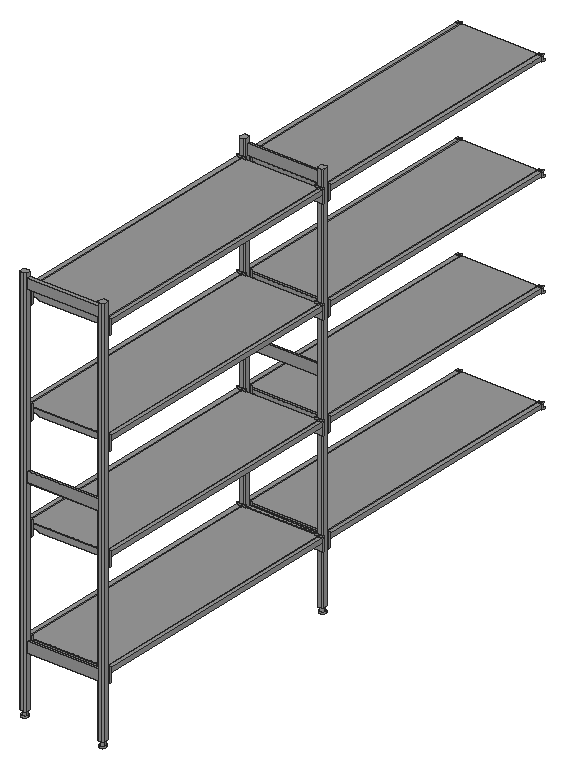
Revit family "QF_ELECTROLUXPROFESSIONAL_137066_ACS2372", category Attrezzature speciali, Revit 2020
Family settings
  Quota connettore circolare = Usa diametro
  Tipo di parte = Normale
  Basato su piano di lavoro = No
  Sempre verticale = Sì
  Taglio con vuoti quando caricato = No
  Condiviso = No
  Punto di calcolo locali = No
Parameters (values of type "Standard")
  Weight = 36.00 kg
  Watts = 0 W
  Volts = 0 V
  URL Manufacturer = "https://www.electroluxprofessional.com/"
  URL = "https://www.electroluxprofessional.com/"
  Steam Supply Size = 0 mm
  Steam Supply Minimum Pressure = 0.0 Pa
  Steam Supply Maximum Pressure = 0.0 Pa
  Steam Consumption per Hour = 0
  Refrigeration Suction Line Size = 0.0 mm
  Refrigeration Liquid Line Size = 0.0 mm
  Refrigerant Compressor Remote = yes
  Prospetto di default = 0.0 mm
  Phase = 0
  Modello = "ACS2372"
  Produttore = "Electrolux Professional"
  Length Actual = 2376.0 mm  # constant formula
  Item Number = "137066"
  Hot Water Size = 0 mm
  Height Actual = 1700.0 mm  # constant formula
  HP = "0 HP"
  Gas Size = 0 mm
  Gas KW = 0
  Gas Input Pressure = 0 W
  Direct Waste Size = 0 mm
  Descrizione = "ALUM.CORNER SHELV.-POLY.TIERS-373X2376MM"
  Depth Actual = 373.0 mm  # constant formula
  Cycle = 0 Hz
  Condensate Return Size = 0 mm
  Compressed Air Volume = 0.0 L/s
  Compressed Air Size = 0 mm
  Compressed Air Pressure = 0.0 Pa
  Cold Water Size = 0 mm
  Accessory = yes
Reference planes
  plane 1: z = 0
  plane 2 "CenterLeft": y = -535.5
  plane 3 "FRONT": y = -921.5
  plane 4 "LEFT": x = 192.5
  plane 5 "RIGHT": x = 565.5
  plane 6 "TOP": z = 1700
  plane 7: y = -889.5
  plane 8: y = 262.5
  plane 9 "Center (Left/Back)": x = 379
  plane 10: x = 205
  plane 11: x = 515
  plane 12 "FEET": z = 25
  plane 13: z = 275
  plane 14: z = 725
  plane 15: z = 1175
  plane 16: z = 1625
  plane 17 "CXLeft": y = -907.5
  plane 18 "Center (Front/Back)": y = 280.5
  plane 19 "CYFront": x = 510
  plane 20: y = 1450.5
  plane 21: y = 298.5
  plane 22 "BACK": y = 1454.5
  plane 23 "LEFT_ORIGIN": x = 158.5
  plane 24 "BACK_ORIGIN": y = 1827.5
Forms (mm)
  Extrusion 1, solid, material "QF_Aluminum"
    sketch origin (38.022, -921.5, -4.006) x (-1, 0, 0) y (0, 0, 1)
      loop
        line (-189.5, 1637.003) -> (-173.5, 1637.003) -> (-173.5, 1655) -> (-175.493, 1655) -> (-175.493, 1648.501) -> (-506.5, 1648.501) -> (-506.5, 1655) -> (-508.5, 1655) -> (-508.5, 1637.003) -> (-492.5, 1637.003) -> (-458.5, 1625) -> (-223.5, 1625) -> (-189.5, 1637.003)
      loop
        line (-189.5, 1187.003) -> (-173.5, 1187.003) -> (-173.5, 1205) -> (-175.493, 1205) -> (-175.493, 1198.501) -> (-506.5, 1198.501) -> (-506.5, 1205) -> (-508.5, 1205) -> (-508.5, 1187.003) -> (-492.5, 1187.003) -> (-458.5, 1175) -> (-223.5, 1175) -> (-189.5, 1187.003)
      loop
        line (-189.5, 737.003) -> (-173.5, 737.003) -> (-173.5, 755) -> (-175.493, 755) -> (-175.493, 748.501) -> (-506.5, 748.501) -> (-506.5, 755) -> (-508.5, 755) -> (-508.5, 737.003) -> (-492.5, 737.003) -> (-458.5, 725) -> (-223.5, 725) -> (-189.5, 737.003)
      loop
        line (-189.5, 287.003) -> (-173.5, 287.003) -> (-173.5, 305) -> (-175.493, 305) -> (-175.493, 298.501) -> (-506.5, 298.501) -> (-506.5, 305) -> (-508.5, 305) -> (-508.5, 287.003) -> (-492.5, 287.003) -> (-458.5, 275) -> (-223.5, 275) -> (-189.5, 287.003)
    from 37 to 32
  Extrusion 2, solid, material "QF_Aluminum"
    sketch origin (38.022, -921.5, 0) x (-1, 0, 0) y (0, 0, 1)
      loop
        line (-154.478, 246.005) -> (-154.478, 307.993) -> (-190.471, 307.993) -> (-190.471, 246.005) -> (-154.478, 246.005)
      loop
        line (-527.478, 246.005) -> (-491.484, 246.005) -> (-491.484, 307.993) -> (-527.478, 307.993) -> (-527.478, 246.005)
      loop
        line (-154.478, 696.005) -> (-154.478, 757.993) -> (-190.471, 757.993) -> (-190.471, 696.005) -> (-154.478, 696.005)
      loop
        line (-527.478, 696.005) -> (-491.484, 696.005) -> (-491.484, 757.993) -> (-527.478, 757.993) -> (-527.478, 696.005)
      loop
        line (-154.478, 1146.005) -> (-154.478, 1207.993) -> (-190.471, 1207.993) -> (-190.471, 1146.005) -> (-154.478, 1146.005)
      loop
        line (-527.478, 1146.005) -> (-491.484, 1146.005) -> (-491.484, 1207.993) -> (-527.478, 1207.993) -> (-527.478, 1146.005)
      loop
        line (-154.478, 1596.005) -> (-154.478, 1657.993) -> (-190.471, 1657.993) -> (-190.471, 1596.005) -> (-154.478, 1596.005)
      loop
        line (-527.478, 1596.005) -> (-491.484, 1596.005) -> (-491.484, 1657.993) -> (-527.478, 1657.993) -> (-527.478, 1596.005)
    from 28 to 32
  Extrusion 3, solid, material "QF_Aluminum"
    sketch origin (38.022, -921.5, 0) x (-1, 0, 0) y (0, 0, 1)
      loop
        line (-154.5, 1650.994) -> (-173.5, 1650.994) -> (-173.5, 1632.998) -> (-154.5, 1632.998) -> (-154.5, 1650.994)
      loop
        line (-154.5, 1200.994) -> (-173.5, 1200.994) -> (-173.5, 1182.998) -> (-154.5, 1182.998) -> (-154.5, 1200.994)
      loop
        line (-154.5, 750.994) -> (-173.5, 750.994) -> (-173.5, 732.998) -> (-154.5, 732.998) -> (-154.5, 750.994)
      loop
        line (-154.5, 300.994) -> (-173.5, 300.994) -> (-173.5, 282.998) -> (-154.5, 282.998) -> (-154.5, 300.994)
      loop
        line (-527.455, 1650.994) -> (-527.455, 1632.998) -> (-508.455, 1632.998) -> (-508.455, 1650.994) -> (-527.455, 1650.994)
      loop
        line (-527.455, 1200.994) -> (-527.455, 1182.998) -> (-508.455, 1182.998) -> (-508.455, 1200.994) -> (-527.455, 1200.994)
      loop
        line (-527.455, 750.994) -> (-527.455, 732.998) -> (-508.455, 732.998) -> (-508.455, 750.994) -> (-527.455, 750.994)
      loop
        line (-527.455, 300.994) -> (-527.455, 282.998) -> (-508.455, 282.998) -> (-508.455, 300.994) -> (-527.455, 300.994)
    from 32 to 1184
  Extrusion 4, solid, material "QF_Polyethylene"
    sketch origin (38.022, -921.5, 0) x (-1, 0, 0) y (0, 0, 1)
      loop
        line (-175.493, 1650.994) -> (-506.5, 1650.994) -> (-506.5, 1644.496) -> (-175.493, 1644.496) -> (-175.493, 1650.994)
      loop
        line (-175.493, 1200.994) -> (-506.5, 1200.994) -> (-506.5, 1194.496) -> (-175.493, 1194.496) -> (-175.493, 1200.994)
      loop
        line (-175.493, 750.994) -> (-506.5, 750.994) -> (-506.5, 744.496) -> (-175.493, 744.496) -> (-175.493, 750.994)
      loop
        line (-175.493, 300.994) -> (-506.5, 300.994) -> (-506.5, 294.496) -> (-175.493, 294.496) -> (-175.493, 300.994)
    from 32 to 1184
  Extrusion 5, solid, material "QF_Aluminum"
    sketch origin (38.022, 684.5, 0) x (-1, 0, 0) y (0, 0, 1)
      loop
        line (-154.5, 1650.994) -> (-173.5, 1650.994) -> (-173.5, 1632.998) -> (-154.5, 1632.998) -> (-154.5, 1650.994)
      loop
        line (-508.5, 1650.994) -> (-527.455, 1650.994) -> (-527.455, 1632.998) -> (-508.5, 1632.998) -> (-508.5, 1650.994)
      loop
        line (-154.5, 1200.994) -> (-173.5, 1200.994) -> (-173.5, 1182.998) -> (-154.5, 1182.998) -> (-154.5, 1200.994)
      loop
        line (-508.5, 1200.994) -> (-527.455, 1200.994) -> (-527.455, 1182.998) -> (-508.5, 1182.998) -> (-508.5, 1200.994)
      loop
        line (-154.5, 750.994) -> (-173.5, 750.994) -> (-173.5, 732.998) -> (-154.5, 732.998) -> (-154.5, 750.994)
      loop
        line (-508.5, 750.994) -> (-527.455, 750.994) -> (-527.455, 732.998) -> (-508.5, 732.998) -> (-508.5, 750.994)
      loop
        line (-154.5, 300.994) -> (-173.5, 300.994) -> (-173.5, 282.998) -> (-154.5, 282.998) -> (-154.5, 300.994)
      loop
        line (-508.5, 300.994) -> (-527.455, 300.994) -> (-527.455, 282.998) -> (-508.5, 282.998) -> (-508.5, 300.994)
    from 766 to -386
  Extrusion 6, solid, material "QF_Polyethylene"
    sketch origin (38.022, 684.5, 0) x (-1, 0, 0) y (0, 0, 1)
      loop
        line (-175.493, 1650.994) -> (-506.5, 1650.994) -> (-506.5, 1644.496) -> (-175.493, 1644.496) -> (-175.493, 1650.994)
      loop
        line (-175.493, 1200.994) -> (-506.5, 1200.994) -> (-506.5, 1194.496) -> (-175.493, 1194.496) -> (-175.493, 1200.994)
      loop
        line (-175.493, 750.994) -> (-506.5, 750.994) -> (-506.5, 744.496) -> (-175.493, 744.496) -> (-175.493, 750.994)
      loop
        line (-175.493, 300.994) -> (-506.5, 300.994) -> (-506.5, 294.496) -> (-175.493, 294.496) -> (-175.493, 300.994)
    from 766 to -386
Lines and regions (mm)
  symbolic lines
    curve 1: line (205, -912.5, 1700) -> (515, -912.5, 1700)
    curve 2: line (515, -902.5, 1700) -> (205, -902.5, 1700)
    curve 3: line (192.5, -893.5, 1700) -> (192.5, 266.5, 1700)
    curve 4: line (565.5, -889.5, 1700) -> (565.5, 262.5, 1700)
    curve 5: line (192.5, 294.5, 1700) -> (192.5, 1454.5, 1700)
    curve 6: line (565.5, 294.5, 1700) -> (565.5, 1454.5, 1700)
    curve 7: line (211.522, 1450.5, 1700) -> (510.507, 1450.5, 1700)
    curve 8: line (211.522, 262.5, 1700) -> (510.507, 262.5, 1700)
    curve 9: line (510.507, 298.5, 1700) -> (211.522, 298.5, 1700)
    curve 10: line (211.522, -889.5, 1700) -> (510.507, -889.5, 1700)
    curve 11: line (211.522, -889.5, 1700) -> (211.522, 262.5, 1700)
    curve 12: line (546.478, 262.5, 1700) -> (546.478, -889.5, 1700)
    curve 13: line (211.522, 298.5, 1700) -> (211.522, 1450.5, 1700)
    curve 14: line (546.522, 652.5, 1700) -> (546.522, -145.5, 1700)
Dimensions and locks
  plane 3 "FRONT" to plane 2 "CenterLeft" = 386.0 mm
  locked: plane 6 "TOP" to level at 1700
  locked: plane 7 to plane 8 at 1152
  locked: plane 10 to plane 11 at 310
  plane 10 to plane 9 "Center (Left/Back)" to plane 11 = 174.0 mm, 136.0 mm
  equal spacing: plane 4 "LEFT", plane 9 "Center (Left/Back)", plane 5 "RIGHT"
  plane 12 "FEET" to level = 25.0 mm
  plane 6 "TOP" to plane 12 "FEET" = 1675.0 mm
  plane 13 to plane 12 "FEET" = 250.0 mm
  plane 14 to plane 13 = 450.0 mm
  plane 15 to plane 14 = 450.0 mm
  plane 16 to plane 15 = 450.0 mm
  plane 19 "CYFront" to Extrusion 1 sketch curve = 34.522 mm
  locked: plane 21 to plane 20 at 1152
  locked: plane 8 to plane 18 "Center (Front/Back)" at 18
  locked: plane 18 "Center (Front/Back)" to plane 21 at 18
  locked: plane 3 "FRONT" to plane 7 at 32
  locked: plane 4 "LEFT" to plane 5 "RIGHT" at 373
  locked: plane 23 "LEFT_ORIGIN" to plane 5 "RIGHT" at 407
  locked: plane 22 "BACK" to plane 24 "BACK_ORIGIN" at 373
  locked: plane 22 "BACK" to plane 3 "FRONT" at 2376
  aligned and locked: level to plane 1
  aligned and locked: Extrusion 1 to plane 7
  aligned and locked: plane 7 to Extrusion 2
  aligned and locked: Extrusion 4 to plane 7
  aligned and locked: plane 8 to Extrusion 4
  aligned and locked: Extrusion 3 to plane 7
  aligned and locked: plane 8 to Extrusion 3
  aligned and locked: Extrusion 1 sketch curve to Extrusion 1 sketch curve  (x3)
  aligned and locked: Extrusion 4 sketch curve to Extrusion 1  (x4)
  aligned and locked: Extrusion 5 sketch curve to Extrusion 5 sketch curve  (x2)
  aligned and locked: Extrusion 5 to plane 21  (x5)
  aligned and locked: Extrusion 6 to plane 21  (x5)
  aligned and locked: nested 2 to plane 18 "Center (Front/Back)"
  aligned and locked: nested 1 to plane 17 "CXLeft"
  aligned and locked: plane 7 to Extrusion 3  (x3)
  aligned and locked: Extrusion 3 to plane 8  (x4)
  aligned and locked: Extrusion 4 to plane 8  (x4)
  aligned and locked: plane 20 to Extrusion 5
  aligned and locked: plane 20 to Extrusion 6
  aligned and locked: Extrusion 5 to plane 20  (x3)
  aligned and locked: Extrusion 6 to plane 20  (x3)
  aligned and locked: plane 9 "Center (Left/Back)" to nested 2
  aligned and locked: nested 3 to plane 22 "BACK"
Automatic sketch dimensions
  curve 1 to plane 10 = 0.0 mm
  curve 1 to plane 11 = 0.0 mm
  curve 2 to plane 10 = 0.0 mm
  curve 2 to plane 11 = 0.0 mm
  curve 3 to plane 4 "LEFT" = 0.0 mm
  plane 7 to curve 10 = 0.0 mm
  curve 4 to plane 5 "RIGHT" = 0.0 mm
  plane 7 to curve 4 = 0.0 mm
  plane 8 to curve 8 = 0.0 mm
  plane 8 to curve 4 = 0.0 mm
  curve 6 to plane 5 "RIGHT" = 0.0 mm
  curve 5 to plane 4 "LEFT" = 0.0 mm
  curve 9 to plane 21 = 0.0 mm
  plane 20 to curve 7 = 0.0 mm
  plane 7 to curve 3 = 4.0 mm
  plane 17 "CXLeft" to curve 2 = 5.0 mm
  curve 1 to plane 17 "CXLeft" = 5.0 mm
  curve 3 to plane 8 = 4.0 mm
  curve 6 to plane 21 = 4.0 mm
  curve 5 to plane 21 = 4.0 mm
  curve 6 to plane 20 = 4.0 mm
  curve 5 to plane 20 = 4.0 mm
  plane 11 to curve 10 = 4.493 mm
  plane 11 to curve 9 = 4.493 mm
  plane 11 to curve 8 = 4.493 mm
  plane 11 to curve 7 = 4.493 mm
  curve 8 to plane 10 = 6.522 mm
  curve 7 to plane 10 = 6.522 mm
  Extrusion 1 sketch curve to plane 19 "CYFront" = 36.522 mm  (x4)
  Extrusion 1 sketch curve to plane 11 = 15.522 mm  (x4)
  Extrusion 1 sketch curve to plane 13 = 4.006 mm
  Extrusion 1 sketch curve to Extrusion 1 sketch curve = 34.0 mm  (x4)
  Extrusion 1 sketch curve to plane 14 = 4.006 mm
  Extrusion 1 sketch curve to plane 15 = 4.006 mm
  Extrusion 1 sketch curve to plane 16 = 4.006 mm
  Extrusion 1 sketch curve to plane 10 = 56.522 mm  (x4)
  Extrusion 1 sketch curve to plane 10 = 22.522 mm  (x4)
  plane 13 to Extrusion 1 sketch curve = 7.998 mm  (x2)
  Extrusion 1 sketch curve to Extrusion 1 sketch curve = 11.498 mm  (x4)
  Extrusion 1 sketch curve to Extrusion 1 sketch curve = 6.499 mm  (x8)
  plane 14 to Extrusion 1 sketch curve = 7.998 mm  (x2)
  plane 15 to Extrusion 1 sketch curve = 7.998 mm  (x2)
  plane 16 to Extrusion 1 sketch curve = 7.998 mm  (x2)
  Extrusion 2 sketch curve to plane 5 "RIGHT" = 0.0 mm  (x4)
  Extrusion 2 sketch curve to plane 4 "LEFT" = 0.0 mm  (x4)
  Extrusion 2 sketch curve to plane 11 = 14.507 mm  (x4)
  Extrusion 2 sketch curve to plane 10 = 23.493 mm  (x4)
  Extrusion 2 sketch curve to plane 13 = 28.995 mm  (x2)
  plane 13 to Extrusion 2 sketch curve = 32.993 mm  (x2)
  Extrusion 2 sketch curve to plane 14 = 28.995 mm  (x2)
  plane 14 to Extrusion 2 sketch curve = 32.993 mm  (x2)
  Extrusion 2 sketch curve to plane 15 = 28.995 mm  (x2)
  plane 15 to Extrusion 2 sketch curve = 32.993 mm  (x2)
  Extrusion 2 sketch curve to plane 16 = 28.995 mm  (x2)
  plane 16 to Extrusion 2 sketch curve = 32.993 mm  (x2)
  plane 13 to Extrusion 4 sketch curve = 19.496 mm
  Extrusion 4 sketch curve to Extrusion 4 sketch curve = 6.499 mm  (x4)
  plane 14 to Extrusion 4 sketch curve = 19.496 mm
  plane 15 to Extrusion 4 sketch curve = 19.496 mm
  plane 16 to Extrusion 4 sketch curve = 19.496 mm
  plane 5 "RIGHT" to Extrusion 5 sketch curve = 0.022 mm  (x4)
  Extrusion 5 sketch curve to plane 4 "LEFT" = 19.022 mm  (x4)
  Extrusion 5 sketch curve to plane 19 "CYFront" = 36.522 mm  (x2)
  plane 13 to Extrusion 5 sketch curve = 7.998 mm  (x2)
  Extrusion 5 sketch curve to Extrusion 5 sketch curve = 17.997 mm  (x8)
  plane 14 to Extrusion 5 sketch curve = 7.998 mm  (x2)
  plane 15 to Extrusion 5 sketch curve = 7.998 mm  (x2)
  plane 16 to Extrusion 5 sketch curve = 7.998 mm  (x2)
  Extrusion 6 sketch curve to plane 19 "CYFront" = 34.522 mm  (x4)
  plane 13 to Extrusion 6 sketch curve = 19.496 mm
  Extrusion 6 sketch curve to Extrusion 6 sketch curve = 6.499 mm  (x4)
  plane 14 to Extrusion 6 sketch curve = 19.496 mm
  plane 15 to Extrusion 6 sketch curve = 19.496 mm
  plane 16 to Extrusion 6 sketch curve = 19.496 mm
  plane 5 "RIGHT" to Extrusion 3 sketch curve = 0.022 mm  (x4)
  Extrusion 3 sketch curve to Extrusion 3 sketch curve = 19.0 mm  (x4)
  plane 14 to Extrusion 3 sketch curve = 7.998 mm  (x2)
  Extrusion 3 sketch curve to plane 10 = 6.522 mm  (x4)
  Extrusion 3 sketch curve to plane 4 "LEFT" = 0.022 mm  (x4)
  plane 13 to Extrusion 3 sketch curve = 25.994 mm  (x2)
  plane 13 to Extrusion 3 sketch curve = 7.998 mm  (x2)
  Extrusion 3 sketch curve to Extrusion 3 sketch curve = 17.997 mm  (x6)
  plane 15 to Extrusion 3 sketch curve = 7.998 mm  (x2)
  plane 16 to Extrusion 3 sketch curve = 7.998 mm  (x2)
  plane 7 to curve 12 = 0.0 mm
  plane 8 to curve 12 = 0.0 mm
  curve 4 to curve 12 = 19.022 mm
  Extrusion 1 sketch curve to plane 10 = 8.516 mm  (x4)
  Extrusion 1 sketch curve to plane 10 = 6.522 mm  (x2)
  Extrusion 1 sketch curve to Extrusion 1 sketch curve = 1.993 mm  (x2)
  Extrusion 4 sketch curve to plane 10 = 8.516 mm  (x4)
  Extrusion 5 sketch curve to plane 4 "LEFT" = 0.022 mm  (x4)
  Extrusion 6 sketch curve to plane 10 = 8.516 mm  (x4)
Nested families
  nested 1: "WT_Anta373" at (215.5, -504.5, 0) x (0, 1, 0) z (0, 0, 1), type "WT_Anta373"
  nested 2: "WT_Anta373Center" at (215.5, 683.5, 0) x (0, 1, 0) z (0, 0, 1), type "WT_Anta373Center"
  nested 3: "WT_Aggancio373" at (215.5, 1862.5, 0) x (0, 1, 0) z (0, 0, 1), type "WT_Aggancio373"
Definition of nested family "WT_Anta373"
  Parameters
    WidthLeft = A + 64.0 mm  # 772.0 mm
    Width = 1606.0 mm
    Right = WidthLeft / 2  # 386.0 mm
    Default Elevation = 0.0 mm
    Left = -WidthLeft / 2  # -386.0 mm
    Height = 1725.0 mm
    FEET = 25.0 mm
    E = 0.0 mm
    Dint = Depth - 63.0 mm  # 310.0 mm
    Dext = Depth - 8.0 mm  # 365.0 mm
    Depth = 373.0 mm
    DX = (WidthLeft - A) / 2  # 32.0 mm
    B = 798.0 mm
    A = 708.0 mm
  Reference planes
    plane 1: z = 0
    plane 2 "LEFT": x = -417
    plane 3 "BACK": y = 23
    plane 4 "FRONT": y = -350
    plane 5 "TOP": z = 1725
    plane 6 "Center (Front/Back)": y = -163.5
    plane 7: y = -8.5
    plane 8: y = -318.5
    plane 9 "FEET": z = 25
    plane 10: z = 275
    plane 11: z = 725
    plane 12: z = 1175
    plane 13: z = 1625
    plane 14 "CXLeft": x = -403
    plane 15: y = 5.5
    plane 16 "CYBack": y = 5.5
    plane 17 "CYFront": y = -332.5
    plane 18: x = -385.031
    plane 19: x = -380.031
  Forms (mm)
    Extrusion 1, solid
      sketch origin (0, 0, 0) x (1, 0, 0) y (0, 1, 0)
        loop
          line (-417, 13.246) -> (-417, -2.246) -> (-410.746, -8.5) -> (-395.254, -8.5) -> (-389, -2.246) -> (-389, 13.246) -> (-395.254, 19.5) -> (-410.746, 19.5) -> (-417, 13.246)
      from 1725 to 25
    Extrusion 2, solid
      sketch origin (-417, 0, 0) x (0, 1, 0) y (0, 0, 1)
        loop
          line (23, 246.005) -> (23, 307.993) -> (-12.993, 307.993) -> (-12.993, 246.005) -> (23, 246.005)
        loop
          line (-350, 246.005) -> (-314.007, 246.005) -> (-314.007, 307.993) -> (-350, 307.993) -> (-350, 246.005)
        loop
          line (23, 696.005) -> (23, 757.993) -> (-12.993, 757.993) -> (-12.993, 696.005) -> (23, 696.005)
        loop
          line (-350, 696.005) -> (-314.007, 696.005) -> (-314.007, 757.993) -> (-350, 757.993) -> (-350, 696.005)
        loop
          line (23, 1146.005) -> (23, 1207.993) -> (-12.993, 1207.993) -> (-12.993, 1146.005) -> (23, 1146.005)
        loop
          line (-350, 1146.005) -> (-314.007, 1146.005) -> (-314.007, 1207.993) -> (-350, 1207.993) -> (-350, 1146.005)
        loop
          line (23, 1596.005) -> (23, 1657.993) -> (-12.993, 1657.993) -> (-12.993, 1596.005) -> (23, 1596.005)
        loop
          line (-350, 1596.005) -> (-314.007, 1596.005) -> (-314.007, 1657.993) -> (-350, 1657.993) -> (-350, 1596.005)
      from 28 to 32
    Revolve 3, solid
      sketch origin (-403, 0, 0) x (0, 1, 0) y (0, 0, 1)
        loop
          line (5.5, 25) -> (5.5, 0) -> (19, 0) -> (19, 5) -> (14, 5) -> (14, 25) -> (5.5, 25)
        axis (5.5, 25) -> (5.5, 0)
      angle from 0 to 360
    Extrusion 4, solid
      sketch origin (-403, 0, 0) x (0, 1, 0) y (0, 0, 1)
        loop
          line (-8.5, 912.382) -> (-8.5, 957.374) -> (-318.5, 957.374) -> (-318.5, 912.382) -> (-8.5, 912.382)
        loop
          line (-8.5, 1662.244) -> (-8.5, 1707.236) -> (-318.5, 1707.236) -> (-318.5, 1662.244) -> (-8.5, 1662.244)
      from -5 to 5
    Revolve 5, solid
      sketch origin (-403, -627, 0) x (0, -1, 0) y (0, 0, 1)
        loop
          line (-294.5, 25) -> (-294.5, 0) -> (-281, 0) -> (-281, 5) -> (-286, 5) -> (-286, 25) -> (-294.5, 25)
        axis (-294.5, 25) -> (-294.5, 0)
      angle from 0 to 360
    Extrusion 6, solid
      sketch origin (0, -627, 0) x (1, 0, 0) y (0, 1, 0)
        loop
          line (-417, 286.754) -> (-410.746, 280.5) -> (-395.254, 280.5) -> (-389, 286.754) -> (-389, 302.246) -> (-395.254, 308.5) -> (-410.746, 308.5) -> (-417, 302.246) -> (-417, 286.754)
      from 1725 to 25
    Extrusion 7, solid
      sketch origin (-417.031, -0.022, 0) x (0, 1, 0) y (0, 0, -1)
        loop
          line (-12, -1632.998) -> (-46, -1620.994) -> (-281, -1620.994) -> (-315, -1632.998) -> (-331, -1632.998) -> (-331, -1650.994) -> (-329, -1650.994) -> (-329, -1644.496) -> (2.007, -1644.496) -> (2.007, -1650.994) -> (4, -1650.994) -> (4, -1632.998) -> (-12, -1632.998)
        loop
          line (-12, -1182.998) -> (-46, -1170.994) -> (-281, -1170.994) -> (-315, -1182.998) -> (-331, -1182.998) -> (-331, -1200.994) -> (-329, -1200.994) -> (-329, -1194.496) -> (2.007, -1194.496) -> (2.007, -1200.994) -> (4, -1200.994) -> (4, -1182.998) -> (-12, -1182.998)
        loop
          line (-12, -732.998) -> (-46, -720.994) -> (-281, -720.994) -> (-315, -732.998) -> (-331, -732.998) -> (-331, -750.994) -> (-329, -750.994) -> (-329, -744.496) -> (2.007, -744.496) -> (2.007, -750.994) -> (4, -750.994) -> (4, -732.998) -> (-12, -732.998)
        loop
          line (-12, -282.998) -> (-46, -270.994) -> (-281, -270.994) -> (-315, -282.998) -> (-331, -282.998) -> (-331, -300.994) -> (-329, -300.994) -> (-329, -294.496) -> (2.007, -294.496) -> (2.007, -300.994) -> (4, -300.994) -> (4, -282.998) -> (-12, -282.998)
      from -32 to -37
    Extrusion 8, solid
      sketch origin (-403, 0, -659.878) x (0, 1, 0) y (0, 0, 1)
        loop
          line (-8.5, 912.382) -> (-8.5, 957.374) -> (-318.5, 957.374) -> (-318.5, 912.382) -> (-8.5, 912.382)
        loop
          line (-8.5, 1572.382) -> (-8.5, 1617.374) -> (-318.5, 1617.374) -> (-318.5, 1572.382) -> (-8.5, 1572.382)
        loop
          line (-8.5, 2322.382) -> (-8.5, 2367.374) -> (-318.5, 2367.374) -> (-318.5, 2322.382) -> (-8.5, 2322.382)
      from -5 to 5
  Lines and regions (mm)
    symbolic lines
      curve 1: line (-408, -8.5, 1725) -> (-408, -318.5, 1725)
      curve 2: line (-398, -318.5, 1725) -> (-398, -8.5, 1725)
      curve 3: line (-395.254, -8.5, 1725) -> (-410.746, -8.5, 1725)
      curve 4: line (-417, -2.246, 1725) -> (-410.746, -8.5, 1725)
      curve 5: line (-417, 13.246, 1725) -> (-417, -2.246, 1725)
      curve 6: line (-410.746, 19.5, 1725) -> (-417, 13.246, 1725)
      curve 7: line (-395.254, 19.5, 1725) -> (-410.746, 19.5, 1725)
      curve 8: line (-389, 13.246, 1725) -> (-395.254, 19.5, 1725)
      curve 9: line (-395.254, -8.5, 1725) -> (-389, -2.246, 1725)
      curve 10: line (-395.254, -318.5, 1725) -> (-410.746, -318.5, 1725)
      curve 11: line (-417, -324.754, 1725) -> (-410.746, -318.5, 1725)
      curve 12: line (-410.746, -346.5, 1725) -> (-417, -340.246, 1725)
      curve 13: line (-395.254, -346.5, 1725) -> (-410.746, -346.5, 1725)
      curve 14: line (-389, -340.246, 1725) -> (-395.254, -346.5, 1725)
      curve 15: line (-395.254, -318.5, 1725) -> (-389, -324.754, 1725)
      curve 16: line (-389, -350, 1725) -> (-389, -314.007, 1725)
      curve 17: line (-389, -314.007, 1725) -> (-385, -314.007, 1725)
      curve 18: line (-389, 23, 1725) -> (-389, -12.993, 1725)
      curve 19: line (-389, -12.993, 1725) -> (-385, -12.993, 1725)
      curve 20: line (-417, -324.754, 1725) -> (-417, -340.246, 1725)
      curve 21: line (-385, -350, 1725) -> (-385, -314.007, 1725)
      curve 22: line (-385, -350, 1725) -> (-389, -350, 1725)
      curve 23: line (-385, 23, 1725) -> (-389, 23, 1725)
      curve 24: line (-385, -12.993, 1725) -> (-385, 23, 1725)
      curve 25: line (-385.031, -13.016, 1725) -> (-385.031, -314.029, 1725)
  Dimensions and locks
    "Height": plane 5 "TOP" to level
    "Depth": plane 3 "BACK" to plane 4 "FRONT"
    "Dint": plane 7 to plane 8
    equal spacing: plane 7, plane 6 "Center (Front/Back)", plane 8
    equal spacing: plane 3 "BACK", plane 6 "Center (Front/Back)", plane 4 "FRONT"
    plane 9 "FEET" to level = 25.0 mm
    plane 5 "TOP" to plane 9 "FEET" = 1700.0 mm
    plane 10 to plane 9 "FEET" = 250.0 mm
    plane 11 to plane 10 = 450.0 mm
    plane 12 to plane 11 = 450.0 mm
    plane 13 to plane 12 = 450.0 mm
    locked: plane 2 "LEFT" to plane 14 "CXLeft" at 14
    locked: plane 3 "BACK" to plane 16 "CYBack" at 17.5
    locked: plane 17 "CYFront" to plane 4 "FRONT" at 17.5
    locked: Revolve 3 sketch curve to Revolve 3 sketch curve at 8.5
    locked: Revolve 3 sketch curve to plane 16 "CYBack" at 13.5
    locked: Revolve 5 sketch curve to Revolve 5 sketch curve at 8.5
    aligned and locked: level to plane 1
    aligned and locked: curve 20 to Extrusion 6
    aligned and locked: plane 5 "TOP" to Extrusion 1
    aligned and locked: plane 5 "TOP" to Extrusion 6
    aligned and locked: Extrusion 7 sketch curve to Extrusion 7 sketch curve  (x3)
  Automatic sketch dimensions
    curve 16 to plane 4 "FRONT" = 0.0 mm
    curve 11 to plane 8 = 0.0 mm
    curve 9 to plane 7 = 0.0 mm
    curve 5 to plane 2 "LEFT" = 0.0 mm
    curve 23 to plane 3 "BACK" = 0.0 mm
    plane 4 "FRONT" to curve 13 = 3.5 mm
    curve 20 to plane 17 "CYFront" = 7.746 mm
    curve 20 to plane 8 = 6.254 mm
    plane 8 to curve 16 = 4.493 mm
    curve 24 to plane 18 = 0.031 mm
    curve 24 to plane 7 = 4.493 mm
    plane 7 to curve 5 = 6.254 mm
    curve 5 to plane 15 = 7.746 mm
    curve 6 to plane 3 "BACK" = 3.5 mm
    curve 21 to plane 18 = 0.031 mm
    plane 18 to curve 23 = 3.969 mm
    plane 18 to curve 16 = 3.969 mm
    curve 18 to curve 8 = 6.254 mm
    curve 18 to curve 3 = 6.254 mm
    curve 16 to curve 13 = 6.254 mm
    curve 16 to curve 15 = 6.254 mm
    plane 2 "LEFT" to curve 10 = 6.254 mm
    plane 2 "LEFT" to curve 7 = 6.254 mm
    plane 2 "LEFT" to curve 12 = 6.254 mm
    plane 2 "LEFT" to curve 3 = 6.254 mm
    curve 14 to plane 17 "CYFront" = 7.746 mm
    curve 15 to plane 8 = 6.254 mm
    plane 7 to curve 9 = 6.254 mm
    curve 8 to plane 15 = 7.746 mm
    curve 3 to curve 2 = 2.746 mm
    curve 1 to curve 10 = 2.746 mm
    Extrusion 1 sketch curve to plane 2 "LEFT" = 0.0 mm
    Extrusion 1 sketch curve to plane 7 = 0.0 mm
    plane 2 "LEFT" to Extrusion 1 sketch curve = 6.254 mm  (x2)
    plane 14 "CXLeft" to Extrusion 1 sketch curve = 7.746 mm  (x2)
    Extrusion 1 sketch curve to plane 3 "BACK" = 3.5 mm
    plane 18 to Extrusion 1 sketch curve = 3.969 mm
    plane 7 to Extrusion 1 sketch curve = 6.254 mm  (x2)
    Extrusion 1 sketch curve to plane 15 = 7.746 mm  (x2)
    Extrusion 2 sketch curve to plane 4 "FRONT" = 0.0 mm  (x4)
    Extrusion 2 sketch curve to plane 3 "BACK" = 0.0 mm  (x4)
    plane 8 to Extrusion 2 sketch curve = 4.493 mm  (x4)
    Extrusion 2 sketch curve to plane 7 = 4.493 mm  (x4)
    Extrusion 2 sketch curve to plane 10 = 28.995 mm  (x2)
    plane 10 to Extrusion 2 sketch curve = 32.993 mm  (x2)
    Extrusion 2 sketch curve to plane 11 = 28.995 mm  (x2)
    plane 11 to Extrusion 2 sketch curve = 32.993 mm  (x2)
    Extrusion 2 sketch curve to plane 12 = 28.995 mm  (x2)
    plane 12 to Extrusion 2 sketch curve = 32.993 mm  (x2)
    Extrusion 2 sketch curve to plane 13 = 28.995 mm  (x2)
    plane 13 to Extrusion 2 sketch curve = 32.993 mm  (x2)
    Revolve 3 sketch curve to plane 9 "FEET" = 0.0 mm  (x2)
    Revolve 3 sketch curve to plane 15 = 0.0 mm  (x2)
    Revolve 3 sketch curve to level = 0.0 mm
    level to Revolve 3 sketch curve = 5.0 mm
    Revolve 3 sketch curve to Revolve 3 sketch curve = 11.655 mm
    Extrusion 4 sketch curve to plane 8 = 0.0 mm  (x2)
    Extrusion 4 sketch curve to plane 7 = 0.0 mm  (x2)
    plane 11 to Extrusion 4 sketch curve = 187.382 mm
    Extrusion 4 sketch curve to Extrusion 4 sketch curve = 44.992 mm
    plane 13 to Extrusion 4 sketch curve = 37.244 mm
    Extrusion 4 sketch curve to plane 5 "TOP" = 17.764 mm
    Revolve 5 sketch curve to plane 9 "FEET" = 0.0 mm  (x2)
    Revolve 5 sketch curve to plane 17 "CYFront" = 0.0 mm  (x2)
    Revolve 5 sketch curve to level = 0.0 mm
    Revolve 5 sketch curve to plane 4 "FRONT" = 4.0 mm
    Revolve 5 sketch curve to Revolve 5 sketch curve = 5.0 mm
    level to Revolve 5 sketch curve = 11.655 mm
    Extrusion 6 sketch curve to plane 2 "LEFT" = 0.0 mm
    Extrusion 6 sketch curve to plane 8 = 0.0 mm
    Extrusion 6 sketch curve to plane 2 "LEFT" = 6.254 mm  (x2)
    Extrusion 6 sketch curve to plane 14 "CXLeft" = 7.746 mm  (x2)
    Extrusion 6 sketch curve to plane 4 "FRONT" = 3.5 mm
    Extrusion 6 sketch curve to plane 18 = 3.969 mm
    plane 8 to Extrusion 6 sketch curve = 6.254 mm  (x2)
    plane 17 "CYFront" to Extrusion 6 sketch curve = 7.746 mm  (x2)
    plane 17 "CYFront" to Extrusion 7 sketch curve = 1.478 mm  (x4)
    Extrusion 7 sketch curve to Extrusion 7 sketch curve = 2.0 mm
    plane 8 to Extrusion 7 sketch curve = 3.478 mm  (x4)
    Extrusion 7 sketch curve to plane 10 = 4.006 mm
    Extrusion 7 sketch curve to Extrusion 7 sketch curve = 34.0 mm  (x4)
    Extrusion 7 sketch curve to plane 11 = 4.006 mm
    Extrusion 7 sketch curve to plane 12 = 4.006 mm
    Extrusion 7 sketch curve to plane 13 = 4.006 mm
    Extrusion 7 sketch curve to plane 7 = 37.522 mm  (x4)
    Extrusion 7 sketch curve to plane 7 = 3.522 mm  (x4)
    plane 15 to Extrusion 7 sketch curve = 3.516 mm  (x4)
    plane 15 to Extrusion 7 sketch curve = 1.522 mm  (x4)
    plane 13 to Extrusion 7 sketch curve = 7.998 mm  (x2)
    Extrusion 7 sketch curve to Extrusion 7 sketch curve = 11.498 mm
    Extrusion 7 sketch curve to Extrusion 7 sketch curve = 6.499 mm  (x5)
    plane 12 to Extrusion 7 sketch curve = 25.994 mm  (x2)
    plane 12 to Extrusion 7 sketch curve = 7.998 mm  (x2)
    plane 11 to Extrusion 7 sketch curve = 25.994 mm  (x2)
    plane 11 to Extrusion 7 sketch curve = 7.998 mm  (x2)
    plane 10 to Extrusion 7 sketch curve = 25.994 mm  (x2)
    plane 10 to Extrusion 7 sketch curve = 7.998 mm  (x2)
    curve 25 to plane 18 = 0.0 mm
    plane 8 to curve 25 = 4.471 mm
    curve 25 to plane 7 = 4.516 mm
    Extrusion 8 sketch curve to plane 8 = 0.0 mm  (x3)
    Extrusion 8 sketch curve to plane 7 = 0.0 mm  (x3)
    Extrusion 8 sketch curve to plane 10 = 22.496 mm
    plane 10 to Extrusion 8 sketch curve = 22.496 mm
    plane 11 to Extrusion 8 sketch curve = 187.504 mm
    Extrusion 8 sketch curve to Extrusion 8 sketch curve = 44.992 mm
    plane 13 to Extrusion 8 sketch curve = 37.504 mm
    Extrusion 8 sketch curve to plane 5 "TOP" = 17.504 mm
Definition of nested family "WT_Anta373Center"
  Parameters
    WidthLeft = A + 64.0 mm  # 772.0 mm
    Width = 1606.0 mm
    Right = WidthLeft / 2  # 386.0 mm
    Default Elevation = 0.0 mm
    Left = -WidthLeft / 2  # -386.0 mm
    Height = 1725.0 mm
    FEET = 25.0 mm
    E = 0.0 mm
    Dint = Depth - 63.0 mm  # 310.0 mm
    Dext = Depth - 8.0 mm  # 365.0 mm
    Depth = 373.0 mm
    DX = (WidthLeft - A) / 2  # 32.0 mm
    B = 798.0 mm
    A = 708.0 mm
  Reference planes
    plane 1: z = 0
    plane 2 "L": x = -417
    plane 3 "BACK": y = 23
    plane 4 "FRONT": y = -350
    plane 5 "TOP": z = 1725
    plane 6 "Center (Front/Back)": y = -163.5
    plane 7: y = -8.5
    plane 8: y = -318.5
    plane 9 "FEET": z = 25
    plane 10: z = 275
    plane 11: z = 725
    plane 12: z = 1175
    plane 13: z = 1625
    plane 14 "CXLeft": x = -403
    plane 15: y = 5.5
    plane 16 "CYBack": y = 5.5
    plane 17 "CYFront": y = -332.5
    plane 18: x = -385.031
    plane 19 "RIGHT": x = -380.031
    plane 20: x = -420.969
    plane 21 "LEFT": x = -425.969
  Forms (mm)
    Extrusion 1, solid
      sketch origin (0, 0, 0) x (1, 0, 0) y (0, 1, 0)
        loop
          line (-417, 13.246) -> (-417, -2.246) -> (-410.746, -8.5) -> (-395.254, -8.5) -> (-389, -2.246) -> (-389, 13.246) -> (-395.254, 19.5) -> (-410.746, 19.5) -> (-417, 13.246)
      from 1725 to 25
    Extrusion 2, solid
      sketch origin (-417, 0, 0) x (0, 1, 0) y (0, 0, 1)
        loop
          line (23, 246.005) -> (23, 307.993) -> (-12.993, 307.993) -> (-12.993, 246.005) -> (23, 246.005)
        loop
          line (-350, 246.005) -> (-314.007, 246.005) -> (-314.007, 307.993) -> (-350, 307.993) -> (-350, 246.005)
        loop
          line (23, 696.005) -> (23, 757.993) -> (-12.993, 757.993) -> (-12.993, 696.005) -> (23, 696.005)
        loop
          line (-350, 696.005) -> (-314.007, 696.005) -> (-314.007, 757.993) -> (-350, 757.993) -> (-350, 696.005)
        loop
          line (23, 1146.005) -> (23, 1207.993) -> (-12.993, 1207.993) -> (-12.993, 1146.005) -> (23, 1146.005)
        loop
          line (-350, 1146.005) -> (-314.007, 1146.005) -> (-314.007, 1207.993) -> (-350, 1207.993) -> (-350, 1146.005)
        loop
          line (23, 1596.005) -> (23, 1657.993) -> (-12.993, 1657.993) -> (-12.993, 1596.005) -> (23, 1596.005)
        loop
          line (-350, 1596.005) -> (-314.007, 1596.005) -> (-314.007, 1657.993) -> (-350, 1657.993) -> (-350, 1596.005)
      from 28 to 32
    Revolve 3, solid
      sketch origin (-403, 0, 0) x (0, 1, 0) y (0, 0, 1)
        loop
          line (5.5, 25) -> (5.5, 0) -> (19, 0) -> (19, 5) -> (14, 5) -> (14, 25) -> (5.5, 25)
        axis (5.5, 25) -> (5.5, 0)
      angle from 0 to 360
    Extrusion 4, solid
      sketch origin (-403, 0, 0) x (0, 1, 0) y (0, 0, 1)
        loop
          line (-8.5, 912.382) -> (-8.5, 957.374) -> (-318.5, 957.374) -> (-318.5, 912.382) -> (-8.5, 912.382)
        loop
          line (-8.5, 1662.244) -> (-8.5, 1707.236) -> (-318.5, 1707.236) -> (-318.5, 1662.244) -> (-8.5, 1662.244)
      from -5 to 5
    Revolve 5, solid
      sketch origin (-403, -627, 0) x (0, -1, 0) y (0, 0, 1)
        loop
          line (-294.5, 25) -> (-294.5, 0) -> (-281, 0) -> (-281, 5) -> (-286, 5) -> (-286, 25) -> (-294.5, 25)
        axis (-294.5, 25) -> (-294.5, 0)
      angle from 0 to 360
    Extrusion 6, solid
      sketch origin (0, -627, 0) x (1, 0, 0) y (0, 1, 0)
        loop
          line (-417, 286.754) -> (-410.746, 280.5) -> (-395.254, 280.5) -> (-389, 286.754) -> (-389, 302.246) -> (-395.254, 308.5) -> (-410.746, 308.5) -> (-417, 302.246) -> (-417, 286.754)
      from 1725 to 25
    Extrusion 7, solid
      sketch origin (-417.031, -0.022, 0) x (0, 1, 0) y (0, 0, -1)
        loop
          line (-12, -1632.998) -> (-46, -1620.994) -> (-281, -1620.994) -> (-315, -1632.998) -> (-331, -1632.998) -> (-331, -1650.994) -> (-329, -1650.994) -> (-329, -1644.496) -> (2.007, -1644.496) -> (2.007, -1650.994) -> (4, -1650.994) -> (4, -1632.998) -> (-12, -1632.998)
        loop
          line (-12, -1182.998) -> (-46, -1170.994) -> (-281, -1170.994) -> (-315, -1182.998) -> (-331, -1182.998) -> (-331, -1200.994) -> (-329, -1200.994) -> (-329, -1194.496) -> (2.007, -1194.496) -> (2.007, -1200.994) -> (4, -1200.994) -> (4, -1182.998) -> (-12, -1182.998)
        loop
          line (-12, -732.998) -> (-46, -720.994) -> (-281, -720.994) -> (-315, -732.998) -> (-331, -732.998) -> (-331, -750.994) -> (-329, -750.994) -> (-329, -744.496) -> (2.007, -744.496) -> (2.007, -750.994) -> (4, -750.994) -> (4, -732.998) -> (-12, -732.998)
        loop
          line (-12, -282.998) -> (-46, -270.994) -> (-281, -270.994) -> (-315, -282.998) -> (-331, -282.998) -> (-331, -300.994) -> (-329, -300.994) -> (-329, -294.496) -> (2.007, -294.496) -> (2.007, -300.994) -> (4, -300.994) -> (4, -282.998) -> (-12, -282.998)
      from -32 to -37
    Extrusion 8, solid
      sketch origin (-403, 0, -659.878) x (0, 1, 0) y (0, 0, 1)
        loop
          line (-8.5, 912.382) -> (-8.5, 957.374) -> (-318.5, 957.374) -> (-318.5, 912.382) -> (-8.5, 912.382)
        loop
          line (-8.5, 1572.382) -> (-8.5, 1617.374) -> (-318.5, 1617.374) -> (-318.5, 1572.382) -> (-8.5, 1572.382)
        loop
          line (-8.5, 2322.382) -> (-8.5, 2367.374) -> (-318.5, 2367.374) -> (-318.5, 2322.382) -> (-8.5, 2322.382)
      from -5 to 5
    Extrusion 9, solid
      sketch origin (-389, 0, 0) x (0, 1, 0) y (0, 0, -1)
        loop
          line (23, -246.005) -> (-12.993, -246.005) -> (-12.993, -307.993) -> (23, -307.993) -> (23, -246.005)
        loop
          line (-350, -246.005) -> (-350, -307.993) -> (-314.007, -307.993) -> (-314.007, -246.005) -> (-350, -246.005)
        loop
          line (23, -696.005) -> (-12.993, -696.005) -> (-12.993, -757.993) -> (23, -757.993) -> (23, -696.005)
        loop
          line (-350, -696.005) -> (-350, -757.993) -> (-314.007, -757.993) -> (-314.007, -696.005) -> (-350, -696.005)
        loop
          line (23, -1146.005) -> (-12.993, -1146.005) -> (-12.993, -1207.993) -> (23, -1207.993) -> (23, -1146.005)
        loop
          line (-350, -1146.005) -> (-350, -1207.993) -> (-314.007, -1207.993) -> (-314.007, -1146.005) -> (-350, -1146.005)
        loop
          line (23, -1596.005) -> (-12.993, -1596.005) -> (-12.993, -1657.993) -> (23, -1657.993) -> (23, -1596.005)
        loop
          line (-350, -1596.005) -> (-350, -1657.993) -> (-314.007, -1657.993) -> (-314.007, -1596.005) -> (-350, -1596.005)
      from 28 to 32
    Extrusion 10, solid
      sketch origin (-388.969, -0.022, 0) x (0, 1, 0) y (0, 0, 1)
        loop
          line (-12, 1632.998) -> (4, 1632.998) -> (4, 1650.994) -> (2.007, 1650.994) -> (2.007, 1644.496) -> (-329, 1644.496) -> (-329, 1650.994) -> (-331, 1650.994) -> (-331, 1632.998) -> (-315, 1632.998) -> (-281, 1620.994) -> (-46, 1620.994) -> (-12, 1632.998)
        loop
          line (-12, 1182.998) -> (4, 1182.998) -> (4, 1200.994) -> (2.007, 1200.994) -> (2.007, 1194.496) -> (-329, 1194.496) -> (-329, 1200.994) -> (-331, 1200.994) -> (-331, 1182.998) -> (-315, 1182.998) -> (-281, 1170.994) -> (-46, 1170.994) -> (-12, 1182.998)
        loop
          line (-12, 732.998) -> (4, 732.998) -> (4, 750.994) -> (2.007, 750.994) -> (2.007, 744.496) -> (-329, 744.496) -> (-329, 750.994) -> (-331, 750.994) -> (-331, 732.998) -> (-315, 732.998) -> (-281, 720.994) -> (-46, 720.994) -> (-12, 732.998)
        loop
          line (-12, 282.998) -> (4, 282.998) -> (4, 300.994) -> (2.007, 300.994) -> (2.007, 294.496) -> (-329, 294.496) -> (-329, 300.994) -> (-331, 300.994) -> (-331, 282.998) -> (-315, 282.998) -> (-281, 270.994) -> (-46, 270.994) -> (-12, 282.998)
      from -32 to -37
  Lines and regions (mm)
    symbolic lines
      curve 1: line (-408, -8.5, 1725) -> (-408, -318.5, 1725)
      curve 2: line (-398, -318.5, 1725) -> (-398, -8.5, 1725)
      curve 3: line (-395.254, -8.5, 1725) -> (-410.746, -8.5, 1725)
      curve 4: line (-417, -2.246, 1725) -> (-410.746, -8.5, 1725)
      curve 5: line (-410.746, 19.5, 1725) -> (-417, 13.246, 1725)
      curve 6: line (-395.254, 19.5, 1725) -> (-410.746, 19.5, 1725)
      curve 7: line (-389, 13.246, 1725) -> (-395.254, 19.5, 1725)
      curve 8: line (-395.254, -8.5, 1725) -> (-389, -2.246, 1725)
      curve 9: line (-395.254, -318.5, 1725) -> (-410.746, -318.5, 1725)
      curve 10: line (-417, -324.754, 1725) -> (-410.746, -318.5, 1725)
      curve 11: line (-410.746, -346.5, 1725) -> (-417, -340.246, 1725)
      curve 12: line (-395.254, -346.5, 1725) -> (-410.746, -346.5, 1725)
      curve 13: line (-389, -340.246, 1725) -> (-395.254, -346.5, 1725)
      curve 14: line (-395.254, -318.5, 1725) -> (-389, -324.754, 1725)
      curve 15: line (-389, -350, 1725) -> (-389, -314.007, 1725)
      curve 16: line (-389, -314.007, 1725) -> (-385, -314.007, 1725)
      curve 17: line (-389, 23, 1725) -> (-389, -12.993, 1725)
      curve 18: line (-389, -12.993, 1725) -> (-385, -12.993, 1725)
      curve 19: line (-385, -350, 1725) -> (-385, -314.007, 1725)
      curve 20: line (-385, -350, 1725) -> (-389, -350, 1725)
      curve 21: line (-385, 23, 1725) -> (-389, 23, 1725)
      curve 22: line (-385, -12.993, 1725) -> (-385, 23, 1725)
      curve 23: line (-385.031, -13.016, 1725) -> (-385.031, -314.029, 1725)
      curve 24: line (-417, -350, 1725) -> (-417, -314.007, 1725)
      curve 25: line (-417, -314.007, 1725) -> (-421, -314.007, 1725)
      curve 26: line (-417, 23, 1725) -> (-417, -12.993, 1725)
      curve 27: line (-417, -12.993, 1725) -> (-421, -12.993, 1725)
      curve 28: line (-421, -350, 1725) -> (-421, -314.007, 1725)
      curve 29: line (-421, -350, 1725) -> (-417, -350, 1725)
      curve 30: line (-421, 23, 1725) -> (-417, 23, 1725)
      curve 31: line (-421, -12.993, 1725) -> (-421, 23, 1725)
      curve 32: line (-420.969, -13.016, 1725) -> (-420.969, -314.029, 1725)
  Dimensions and locks
    "Height": plane 5 "TOP" to level
    "Depth": plane 3 "BACK" to plane 4 "FRONT"
    "Dint": plane 7 to plane 8
    equal spacing: plane 7, plane 6 "Center (Front/Back)", plane 8
    equal spacing: plane 3 "BACK", plane 6 "Center (Front/Back)", plane 4 "FRONT"
    plane 9 "FEET" to level = 25.0 mm
    plane 5 "TOP" to plane 9 "FEET" = 1700.0 mm
    plane 10 to plane 9 "FEET" = 250.0 mm
    plane 11 to plane 10 = 450.0 mm
    plane 12 to plane 11 = 450.0 mm
    plane 13 to plane 12 = 450.0 mm
    locked: plane 3 "BACK" to plane 16 "CYBack" at 17.5
    locked: plane 17 "CYFront" to plane 4 "FRONT" at 17.5
    locked: Revolve 3 sketch curve to Revolve 3 sketch curve at 8.5
    locked: Revolve 3 sketch curve to plane 16 "CYBack" at 13.5
    locked: Revolve 5 sketch curve to Revolve 5 sketch curve at 8.5
    aligned and locked: level to plane 1
    aligned and locked: plane 5 "TOP" to Extrusion 1
    aligned and locked: plane 5 "TOP" to Extrusion 6
    aligned and locked: Extrusion 7 sketch curve to Extrusion 7 sketch curve  (x3)
    aligned and locked: Extrusion 10 sketch curve to Extrusion 10 sketch curve  (x3)
  Automatic sketch dimensions
    curve 15 to plane 4 "FRONT" = 0.0 mm
    curve 28 to plane 4 "FRONT" = 0.0 mm
    curve 9 to plane 8 = 0.0 mm
    curve 25 to plane 2 "L" = 0.0 mm
    curve 8 to plane 7 = 0.0 mm
    curve 17 to plane 3 "BACK" = 0.0 mm
    curve 30 to plane 3 "BACK" = 0.0 mm
    plane 4 "FRONT" to curve 11 = 3.5 mm
    curve 19 to plane 18 = 0.031 mm
    plane 8 to curve 19 = 4.493 mm
    plane 8 to curve 25 = 4.493 mm
    curve 27 to plane 20 = 0.031 mm
    curve 27 to plane 7 = 4.493 mm
    curve 17 to plane 7 = 4.493 mm
    curve 5 to plane 15 = 7.746 mm
    curve 7 to plane 3 "BACK" = 3.5 mm
    curve 18 to plane 18 = 0.031 mm
    plane 18 to curve 21 = 3.969 mm
    plane 18 to curve 20 = 3.969 mm
    curve 15 to curve 9 = 6.254 mm
    curve 17 to curve 7 = 6.254 mm
    curve 17 to curve 3 = 6.254 mm
    curve 15 to curve 12 = 6.254 mm
    plane 2 "L" to curve 12 = 6.254 mm
    plane 2 "L" to curve 4 = 6.254 mm
    plane 2 "L" to curve 10 = 6.254 mm
    plane 2 "L" to curve 5 = 6.254 mm
    curve 28 to plane 20 = 0.031 mm
    curve 13 to plane 17 "CYFront" = 7.746 mm
    curve 14 to plane 8 = 6.254 mm
    plane 7 to curve 8 = 6.254 mm
    curve 7 to plane 15 = 7.746 mm
    curve 9 to curve 2 = 2.746 mm
    curve 1 to curve 9 = 2.746 mm
    Extrusion 1 sketch curve to plane 2 "L" = 0.0 mm
    Extrusion 1 sketch curve to plane 7 = 0.0 mm
    plane 2 "L" to Extrusion 1 sketch curve = 6.254 mm  (x2)
    plane 14 "CXLeft" to Extrusion 1 sketch curve = 7.746 mm  (x2)
    Extrusion 1 sketch curve to plane 3 "BACK" = 3.5 mm
    plane 18 to Extrusion 1 sketch curve = 3.969 mm
    plane 7 to Extrusion 1 sketch curve = 6.254 mm  (x2)
    Extrusion 1 sketch curve to plane 15 = 7.746 mm  (x2)
    Extrusion 2 sketch curve to plane 4 "FRONT" = 0.0 mm  (x4)
    Extrusion 2 sketch curve to plane 3 "BACK" = 0.0 mm  (x4)
    plane 8 to Extrusion 2 sketch curve = 4.493 mm  (x4)
    Extrusion 2 sketch curve to plane 7 = 4.493 mm  (x4)
    Extrusion 2 sketch curve to plane 10 = 28.995 mm  (x2)
    plane 10 to Extrusion 2 sketch curve = 32.993 mm  (x2)
    Extrusion 2 sketch curve to plane 11 = 28.995 mm  (x2)
    plane 11 to Extrusion 2 sketch curve = 32.993 mm  (x2)
    Extrusion 2 sketch curve to plane 12 = 28.995 mm  (x2)
    plane 12 to Extrusion 2 sketch curve = 32.993 mm  (x2)
    Extrusion 2 sketch curve to plane 13 = 28.995 mm  (x2)
    plane 13 to Extrusion 2 sketch curve = 32.993 mm  (x2)
    Revolve 3 sketch curve to plane 9 "FEET" = 0.0 mm  (x2)
    Revolve 3 sketch curve to plane 15 = 0.0 mm  (x2)
    Revolve 3 sketch curve to level = 0.0 mm
    level to Revolve 3 sketch curve = 5.0 mm
    Revolve 3 sketch curve to Revolve 3 sketch curve = 11.655 mm
    Extrusion 4 sketch curve to plane 8 = 0.0 mm  (x2)
    Extrusion 4 sketch curve to plane 7 = 0.0 mm  (x2)
    plane 11 to Extrusion 4 sketch curve = 187.382 mm
    Extrusion 4 sketch curve to Extrusion 4 sketch curve = 44.992 mm
    plane 13 to Extrusion 4 sketch curve = 37.244 mm
    Extrusion 4 sketch curve to plane 5 "TOP" = 17.764 mm
    Revolve 5 sketch curve to plane 9 "FEET" = 0.0 mm  (x2)
    Revolve 5 sketch curve to plane 17 "CYFront" = 0.0 mm  (x2)
    Revolve 5 sketch curve to level = 0.0 mm
    Revolve 5 sketch curve to plane 4 "FRONT" = 4.0 mm
    Revolve 5 sketch curve to Revolve 5 sketch curve = 5.0 mm
    level to Revolve 5 sketch curve = 11.655 mm
    Extrusion 6 sketch curve to plane 2 "L" = 0.0 mm
    Extrusion 6 sketch curve to plane 8 = 0.0 mm
    Extrusion 6 sketch curve to plane 2 "L" = 6.254 mm  (x2)
    Extrusion 6 sketch curve to plane 14 "CXLeft" = 7.746 mm  (x2)
    Extrusion 6 sketch curve to plane 4 "FRONT" = 3.5 mm
    Extrusion 6 sketch curve to plane 18 = 3.969 mm
    plane 8 to Extrusion 6 sketch curve = 6.254 mm  (x2)
    plane 17 "CYFront" to Extrusion 6 sketch curve = 7.746 mm  (x2)
    plane 17 "CYFront" to Extrusion 7 sketch curve = 1.478 mm  (x4)
    Extrusion 7 sketch curve to Extrusion 7 sketch curve = 2.0 mm
    plane 8 to Extrusion 7 sketch curve = 3.478 mm  (x4)
    Extrusion 7 sketch curve to plane 10 = 4.006 mm
    Extrusion 7 sketch curve to Extrusion 7 sketch curve = 34.0 mm  (x4)
    Extrusion 7 sketch curve to plane 11 = 4.006 mm
    Extrusion 7 sketch curve to plane 12 = 4.006 mm
    Extrusion 7 sketch curve to plane 13 = 4.006 mm
    Extrusion 7 sketch curve to plane 7 = 37.522 mm  (x4)
    Extrusion 7 sketch curve to plane 7 = 3.522 mm  (x4)
    plane 15 to Extrusion 7 sketch curve = 3.516 mm  (x4)
    plane 15 to Extrusion 7 sketch curve = 1.522 mm  (x4)
    plane 13 to Extrusion 7 sketch curve = 7.998 mm  (x2)
    Extrusion 7 sketch curve to Extrusion 7 sketch curve = 11.498 mm
    Extrusion 7 sketch curve to Extrusion 7 sketch curve = 6.499 mm  (x5)
    plane 12 to Extrusion 7 sketch curve = 25.994 mm  (x2)
    plane 12 to Extrusion 7 sketch curve = 7.998 mm  (x2)
    plane 11 to Extrusion 7 sketch curve = 25.994 mm  (x2)
    plane 11 to Extrusion 7 sketch curve = 7.998 mm  (x2)
    plane 10 to Extrusion 7 sketch curve = 25.994 mm  (x2)
    plane 10 to Extrusion 7 sketch curve = 7.998 mm  (x2)
    curve 23 to plane 18 = 0.0 mm
    curve 32 to plane 20 = 0.0 mm
    plane 8 to curve 23 = 4.471 mm
    plane 8 to curve 32 = 4.471 mm
    curve 32 to plane 7 = 4.516 mm
    curve 23 to plane 7 = 4.516 mm
    Extrusion 8 sketch curve to plane 8 = 0.0 mm  (x3)
    Extrusion 8 sketch curve to plane 7 = 0.0 mm  (x3)
    Extrusion 8 sketch curve to plane 10 = 22.496 mm
    plane 10 to Extrusion 8 sketch curve = 22.496 mm
    plane 11 to Extrusion 8 sketch curve = 187.504 mm
    Extrusion 8 sketch curve to Extrusion 8 sketch curve = 44.992 mm
    plane 13 to Extrusion 8 sketch curve = 37.504 mm
    Extrusion 8 sketch curve to plane 5 "TOP" = 17.504 mm
    Extrusion 9 sketch curve to plane 4 "FRONT" = 0.0 mm  (x4)
    Extrusion 9 sketch curve to plane 3 "BACK" = 0.0 mm  (x4)
    plane 8 to Extrusion 9 sketch curve = 4.493 mm  (x4)
    Extrusion 9 sketch curve to plane 7 = 4.493 mm  (x4)
    plane 13 to Extrusion 9 sketch curve = 32.993 mm  (x2)
    Extrusion 9 sketch curve to plane 13 = 28.995 mm  (x2)
    plane 12 to Extrusion 9 sketch curve = 32.993 mm  (x2)
    Extrusion 9 sketch curve to plane 12 = 28.995 mm  (x2)
    plane 11 to Extrusion 9 sketch curve = 32.993 mm  (x2)
    Extrusion 9 sketch curve to plane 11 = 28.995 mm  (x2)
    plane 10 to Extrusion 9 sketch curve = 32.993 mm  (x2)
    Extrusion 9 sketch curve to plane 10 = 28.995 mm  (x2)
    plane 17 "CYFront" to Extrusion 10 sketch curve = 1.478 mm  (x4)
    Extrusion 10 sketch curve to Extrusion 10 sketch curve = 2.0 mm
    plane 8 to Extrusion 10 sketch curve = 3.478 mm  (x4)
    Extrusion 10 sketch curve to plane 10 = 4.006 mm
    Extrusion 10 sketch curve to Extrusion 10 sketch curve = 34.0 mm  (x4)
    Extrusion 10 sketch curve to plane 11 = 4.006 mm
    Extrusion 10 sketch curve to plane 12 = 4.006 mm
    Extrusion 10 sketch curve to plane 13 = 4.006 mm
    Extrusion 10 sketch curve to plane 7 = 37.522 mm  (x4)
    Extrusion 10 sketch curve to plane 7 = 3.522 mm  (x4)
    plane 15 to Extrusion 10 sketch curve = 3.516 mm  (x4)
    plane 15 to Extrusion 10 sketch curve = 1.522 mm  (x4)
    plane 10 to Extrusion 10 sketch curve = 7.998 mm  (x2)
    Extrusion 10 sketch curve to Extrusion 10 sketch curve = 11.498 mm  (x4)
    Extrusion 10 sketch curve to Extrusion 10 sketch curve = 6.499 mm  (x8)
    plane 11 to Extrusion 10 sketch curve = 7.998 mm  (x2)
    plane 12 to Extrusion 10 sketch curve = 7.998 mm  (x2)
    plane 13 to Extrusion 10 sketch curve = 7.998 mm  (x2)
    curve 4 to plane 2 "L" = 0.0 mm
    plane 7 to curve 4 = 6.254 mm
    curve 11 to plane 17 "CYFront" = 7.746 mm
    curve 10 to plane 8 = 6.254 mm
Definition of nested family "WT_Aggancio373"
  Parameters
    WidthLeft = A + 64.0 mm  # 772.0 mm
    Width = 1606.0 mm
    Right = WidthLeft / 2  # 386.0 mm
    Default Elevation = 0.0 mm
    Left = -WidthLeft / 2  # -386.0 mm
    Height = 1725.0 mm
    FEET = 25.0 mm
    E = 0.0 mm
    Dint = Depth - 63.0 mm  # 310.0 mm
    Dext = Depth - 8.0 mm  # 365.0 mm
    Depth = 373.0 mm
    DX = (WidthLeft - A) / 2  # 32.0 mm
    B = 798.0 mm
    A = 708.0 mm
  Reference planes
    plane 1: z = 0
    plane 2 "LEFT": x = -417
    plane 3 "BACK": y = 23
    plane 4 "FRONT": y = -350
    plane 5 "TOP": z = 1725
    plane 6 "Center (Front/Back)": y = -163.5
    plane 7: y = -8.5
    plane 8: y = -318.5
    plane 9 "FEET": z = 25
    plane 10: z = 275
    plane 11: z = 725
    plane 12: z = 1175
    plane 13: z = 1625
    plane 14: y = 5.5
    plane 15 "CYBack": y = 5.5
    plane 16 "CYFront": y = -332.5
  Forms (mm)
    Extrusion 1, solid
      sketch origin (-380, -0.022, 0) x (0, 1, 0) y (0, 0, 1)
        loop
          line (-12, 1632.998) -> (4, 1632.998) -> (4, 1650.994) -> (2.007, 1650.994) -> (2.007, 1644.496) -> (-329, 1644.496) -> (-329, 1650.994) -> (-331, 1650.994) -> (-331, 1632.998) -> (-315, 1632.998) -> (-281, 1620.994) -> (-46, 1620.994) -> (-12, 1632.998)
        loop
          line (-12, 1182.998) -> (4, 1182.998) -> (4, 1200.994) -> (2.007, 1200.994) -> (2.007, 1194.496) -> (-329, 1194.496) -> (-329, 1200.994) -> (-331, 1200.994) -> (-331, 1182.998) -> (-315, 1182.998) -> (-281, 1170.994) -> (-46, 1170.994) -> (-12, 1182.998)
        loop
          line (-12, 732.998) -> (4, 732.998) -> (4, 750.994) -> (2.007, 750.994) -> (2.007, 744.496) -> (-329, 744.496) -> (-329, 750.994) -> (-331, 750.994) -> (-331, 732.998) -> (-315, 732.998) -> (-281, 720.994) -> (-46, 720.994) -> (-12, 732.998)
        loop
          line (-12, 282.998) -> (4, 282.998) -> (4, 300.994) -> (2.007, 300.994) -> (2.007, 294.496) -> (-329, 294.496) -> (-329, 300.994) -> (-331, 300.994) -> (-331, 282.998) -> (-315, 282.998) -> (-281, 270.994) -> (-46, 270.994) -> (-12, 282.998)
      from -32 to -37
    Extrusion 2, solid
      sketch origin (-793.062, -324.754, 6.5) x (1, 0, 0) y (0, 0, 1)
        loop
          line (385.062, 1644.496) -> (385.062, 1647.496) -> (376.062, 1647.496) -> (376.062, 1620.994) -> (390.031, 1620.994) -> (390.031, 1626.496) -> (381.062, 1626.496) -> (381.062, 1644.496) -> (385.062, 1644.496)
        loop
          line (385.062, 1194.496) -> (385.062, 1197.496) -> (376.062, 1197.496) -> (376.062, 1170.994) -> (390.031, 1170.994) -> (390.031, 1176.496) -> (381.062, 1176.496) -> (381.062, 1194.496) -> (385.062, 1194.496)
        loop
          line (385.062, 744.496) -> (385.062, 747.496) -> (376.062, 747.496) -> (376.062, 720.994) -> (390.031, 720.994) -> (390.031, 726.496) -> (381.062, 726.496) -> (381.062, 744.496) -> (385.062, 744.496)
        loop
          line (385.062, 294.496) -> (385.062, 297.496) -> (376.062, 297.496) -> (376.062, 270.994) -> (390.031, 270.994) -> (390.031, 276.496) -> (381.062, 276.496) -> (381.062, 294.496) -> (385.062, 294.496)
      from 6.268 to 25.246
    Extrusion 3, solid
      sketch origin (-793.062, 32.754, 6.5) x (1, 0, 0) y (0, 0, 1)
        loop
          line (385.062, 1644.496) -> (385.062, 1647.496) -> (376.062, 1647.496) -> (376.062, 1620.994) -> (390.031, 1620.994) -> (390.031, 1626.496) -> (381.062, 1626.496) -> (381.062, 1644.496) -> (385.062, 1644.496)
        loop
          line (385.062, 1194.496) -> (385.062, 1197.496) -> (376.062, 1197.496) -> (376.062, 1170.994) -> (390.031, 1170.994) -> (390.031, 1176.496) -> (381.062, 1176.496) -> (381.062, 1194.496) -> (385.062, 1194.496)
        loop
          line (385.062, 744.496) -> (385.062, 747.496) -> (376.062, 747.496) -> (376.062, 720.994) -> (390.031, 720.994) -> (390.031, 726.496) -> (381.062, 726.496) -> (381.062, 744.496) -> (385.062, 744.496)
        loop
          line (385.062, 294.496) -> (385.062, 297.496) -> (376.062, 297.496) -> (376.062, 270.994) -> (390.031, 270.994) -> (390.031, 276.496) -> (381.062, 276.496) -> (381.062, 294.496) -> (385.062, 294.496)
      from 9.754 to 28.776
  Lines and regions (mm)
    symbolic lines
      curve 1: line (-412, -350, 0) -> (-408, -350, 0)
      curve 2: line (-412, -331.022, 0) -> (-412, -350, 0)
      curve 3: line (-408, -331.022, 0) -> (-412, -331.022, 0)
      curve 4: line (-408, -350, 0) -> (-408, -331.022, 0)
      curve 5: line (-412, 3.978, 0) -> (-408, 3.978, 0)
      curve 6: line (-412, 23, 0) -> (-412, 3.978, 0)
